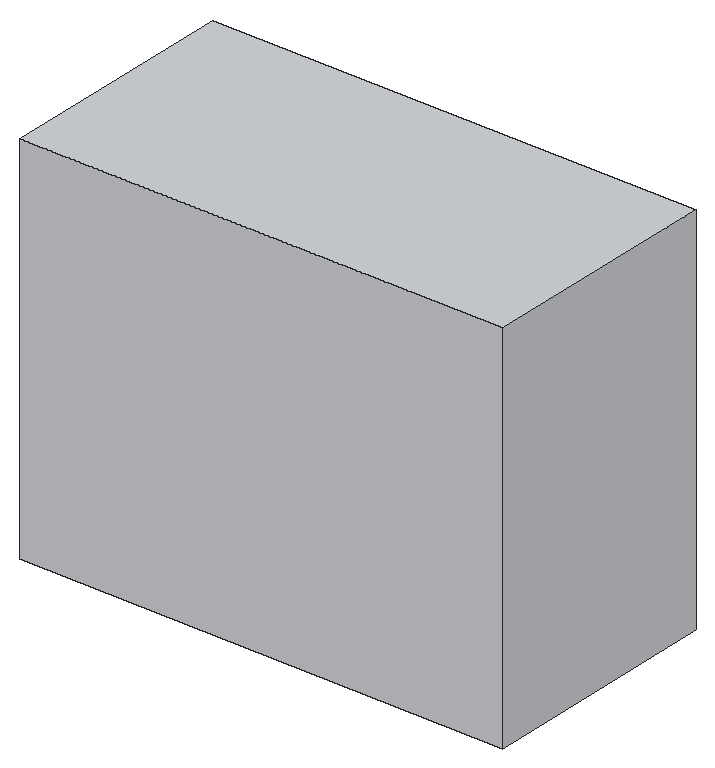
Revit family "M_Admissão AHU", category Equipamento mecânico, Revit 2019
Family settings
  Cota do conector redondo = Utilizar diâmetro
  Tipo de parte = Normal
  Número OmniClass = 23.75.35.14
  Título OmniClass = Air Handling Units
  ID de item do Seek = AHU Intake-0000-CAN-ENU
  Com base no plano de trabalho = Não
  Sempre na vertical = Sim
  Corte com vazios quando carregada = Não
  Compartilhado = Não
  Ponto de cálculo do ambiente = Não
Parameters (values of type "Para 0,3 metros quadrados de serpentina")
  Queda de pressão do ar [instance] = 23.0 Pa
  Largura da saída = 800 mm
  Altura da saída = 625 mm
  Largura da admissão = 400 mm
  Material da admissão = none
  Comprimento da admissão = 800 mm
  Altura da admissão = 625 mm
  Largura interna = 800 mm
  Altura interna = 625 mm
  Fluxo de ar [instance] = 850.0 L/s
Types (17, lengths in mm): name | Largura da saída | Altura da saída | Largura da admissão | Comprimento da admissão | Altura da admissão | Largura interna | Altura interna | Fluxo de ar
  (no name) | 800 | 625 | 400 | 800 | 625 | 800 | 625 | 850.0 L/s
  Para 0,3 metros quadrados de serpentina | 800 | 625 | 400 | 800 | 625 | 800 | 625 | 850.0 L/s
  Para 0,6 metros quadrados de serpentina | 1100 | 700 | 400 | 1100 | 700 | 1100 | 700 | 1700.0 L/s
  Para 0,7 metros quadrados de serpentina | 1200 | 800 | 400 | 1200 | 800 | 1200 | 800 | 2300.0 L/s
  Para 0,9 metros quadrados de serpentina | 1500 | 850 | 400 | 1500 | 850 | 1500 | 850 | 2800.0 L/s
  Para 1,1 metros quadrados de serpentina | 1600 | 950 | 400 | 1600 | 950 | 1600 | 950 | 3400.0 L/s
  Para 1,3 metros quadrados de serpentina | 1700 | 1000 | 400 | 1700 | 1000 | 1700 | 1000 | 4000.0 L/s
  Para 1,6 metros quadrados de serpentina | 1850 | 1100 | 400 | 1850 | 1100 | 1850 | 1100 | 4800.0 L/s
  Para 2,0 metros quadrados de serpentina | 1900 | 1250 | 400 | 1900 | 1250 | 1900 | 1250 | 5900.0 L/s
  Para 2,3 metros quadrados de serpentina | 1950 | 1400 | 400 | 1950 | 1400 | 1950 | 1400 | 7080.0 L/s
  Para 2,8 metros quadrados de serpentina | 2300 | 1400 | 400 | 2300 | 1400 | 2300 | 1400 | 8500.0 L/s
  Para 3,3 metros quadrados de serpentina | 2400 | 1550 | 400 | 2400 | 1550 | 2400 | 1550 | 9900.0 L/s
  Para 3,7 metros quadrados de serpentina | 2750 | 1550 | 400 | 2750 | 1550 | 2750 | 1550 | 11300.0 L/s
  Para 4,6 metros quadrados de serpentina | 3000 | 1850 | 500 | 3000 | 1850 | 3000 | 1850 | 14200.0 L/s
  Para 6,1 metros quadrados de serpentina | 3500 | 2300 | 750 | 3500 | 2300 | 3500 | 2300 | 18700.0 L/s
  Para 7,4 metros quadrados de serpentina | 3500 | 2750 | 750 | 3500 | 2750 | 3500 | 2750 | 22700.0 L/s
  Para 9,3 metros quadrados de serpentina | 3800 | 3000 | 750 | 3800 | 3000 | 3850 | 3000 | 28300.0 L/s
Reference planes
  plane 1 "Centro (Frente/Trás)": y = 0
  plane 2: z = 0
  plane 3 "Centro (Esquerda/Direita)": x = 0
  plane 4: y = 400
  plane 5: x = -400
  plane 6: x = 400
  plane 7: z = 625
Forms (mm)
  Extrusion 1, solid, material <- "Material da admissão"
    sketch origin (0, 0, 0) x (1, 0, 0) y (0, 0, 1)
      loop
        line (-400, 625) -> (-400, 0) -> (400, 0) -> (400, 625) -> (-400, 625)
    from -400 to 0
Dimensions and locks
  equal spacing: plane 5, plane 3 "Centro (Esquerda/Direita)", plane 6
  "Comprimento da admissão": plane 5 to plane 6
  "Largura da admissão": plane 4 to plane 1 "Centro (Frente/Trás)"
  "Altura da admissão": plane 7 to level
  aligned and locked: plane 2 to level
  aligned and locked: plane 5 to Extrusion 1 sketch curve
  aligned and locked: Extrusion 1 sketch curve to plane 7
  aligned and locked: Extrusion 1 sketch curve to plane 6
  aligned and locked: plane 4 to Extrusion 1
  aligned and locked: plane 1 "Centro (Frente/Trás)" to Extrusion 1
  aligned and locked: Extrusion 1 to plane 2
Automatic sketch dimensions
  Extrusion 1 sketch curve to level = 0 mm
Connectors
  hvac at (0, 400, 312.5), driven by "Largura da saída", driven by "Altura da saída", driven by "Fluxo de ar", driven by "Queda de pressão do ar"
    settings: on Extrusion 1, index 1, duct flow 850.0 L/s, flow factor 0, pres drop 23.0 Pa, loss coef 0, conn angle 0.00°, conn width 800 mm, conn height 625 mm, conn diameter 609.6 mm, duct sys type 29, conn prof type 1, flow config 1, flow direction 2, loss method 4, conn ref index 2, conn util no, is conn primary yes, conn desc ""
  hvac at (0, 0, 312.5), driven by "Altura interna", driven by "Largura interna", driven by "Fluxo de ar"
    settings: on Extrusion 1, index 2, duct flow 850.0 L/s, flow factor 0, pres drop 0.0 Pa, loss coef 0, conn angle 0.00°, conn width 800 mm, conn height 625 mm, conn diameter 609.6 mm, duct sys type 29, conn prof type 1, flow config 1, flow direction 1, loss method 0, conn ref index 1, conn util no, is conn primary no, conn desc ""
